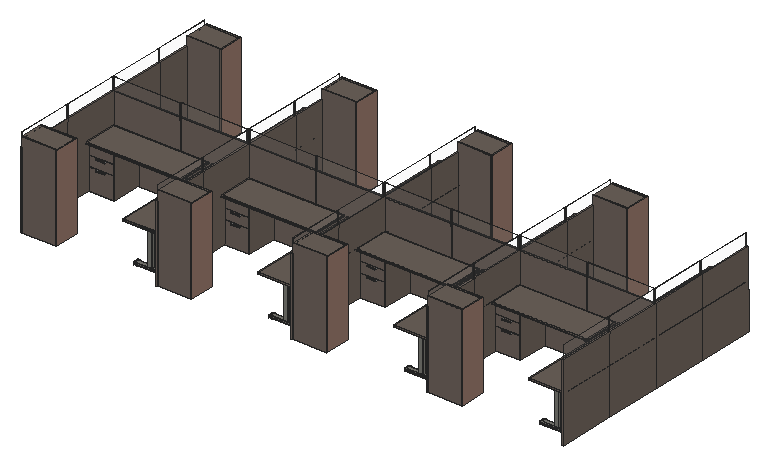
Revit family "OFS TYPICAL T200056", category Furniture, Revit 2022
Family settings
  OmniClass Number = 23.40.20.00
  OmniClass Title = General Furniture and Specialties
  Work Plane-Based = No
  Always vertical = Yes
  Cut with Voids When Loaded = No
  Render Appearance Source = Family Geometry
  Shared = No
  Room Calculation Point = No
Parameters (values of type "T200056")
  URL = "http://ofs.com/"
  Model = "T200056"
  Manufacturer = "OFS"
  Description = "OFS TYPICAL T200056"
  Default Elevation = 0' - 0"
  Copyright © = "©OFS 2024"
  Catalog = ""
  Authoring Version = "Autodesk Revit 2018"
  Assembly Code = "E2020200"
Reference planes (in)
  plane 1 "Center Front/Back": y = 0
  plane 2: z = 0
  plane 3 "Center Left/Right": x = 0
  plane 4 "Center L/S": x = 0
Dimensions and locks (in)
  aligned and locked: level to plane 2
Nested families (in)
  nested 1: "STAKS SINGLE DOOR STORAGE TOWERS" at (-43.08365, -91.64092, 12) x (0, 1, 0) z (0, 0, 1), type ""
    with Height Above Floor 3' - 6"
  nested 2: "STAKS SUPPORT BASE - PANEL - WALL PANEL" at (24, -2.12535, 0), type "STAKS SUPPORT WALL PANEL 28 X 12"
  nested 3: "STAKS RECTANGULAR WORKSURFACES Long Grain" at (-49.55498, 1.33365, 0.125), type "STAKS RECTANGULAR WORKSURFACE 59.5 x 23"
    with Height Above Floor 2' - 5", Width 4' - 11 1/2"
  nested 4: "STAKS RECTANGULAR WORKSURFACES Long Grain" at (18.16635, -78.55498, 0.125) x (0, 1, 0) z (0, 0, 1), type "STAKS RECTANGULAR WORKSURFACE 70.5 x 22"
    with Height Above Floor 2' - 5"
  nested 5: "STAKS WORKSURFACE HEIGHT PEDESTAL - BOX-BOX-FILE - NO RISER SUPPORT" at (-55.16461, -20.50035, 0), type "STAKS WORKSURFACE HEIGHT PEDESTAL - BOX-BOX-FILE - NO RISER SUPPORT 19in D"
  nested 6: "STAKS SPINE OR DIVIDER WALL 48in" at (40.16635, -43.55498, 0) x (0, 1, 0) z (0, 0, 1), type "STAKS SPINE OR DIVIDER WALL 48in X 36in"
    with Height Above Floor 4' - 0"
  nested 7: "STAKS SPINE OR DIVIDER WALL 48in" at (40.16635, -79.95342, 0) x (0, 1, 0) z (0, 0, 1), type "STAKS SPINE OR DIVIDER WALL 48in X 36.5"
    with Height Above Floor 4' - 0", Width 3' - 0 51/128"
  nested 8: "STAKS SPINE OR DIVIDER WALL 48in" at (-7.55498, 2.33365, 0), type "STAKS SPINE OR DIVIDER WALL 48in X 42in"
    with Height Above Floor 4' - 0"
  nested 9: "STAKS DOUBLE SIDED FROSTED GLASS PRIVACY PANEL" at (45.25035, -1.5, 0) x (0, 1, 0) z (0, 0, 1), type "STAKS DOUBLE SIDED FROSTED GLASS PRIVACY PANEL 35 x 10"
  nested 10: "STAKS DOUBLE SIDED FROSTED GLASS PRIVACY PANEL" at (-4.46125, -2.75035, 0), type "STAKS DOUBLE SIDED FROSTED GLASS PRIVACY PANEL 41 x 10"
  nested 11: "STAKS BENCHING CANTILEVER WORKSURFACE BRACKET - OPEN" at (17, -3.50035, 0), type "CANTILEVER WORKSURFACE BRACKET - OPEN 22in"
  nested 12: "STAKS CENTER ELECTRIC ADJUSTABLE HEIGHT BASE Rectangular" at (28.37535, -45.5, 0) x (0, 1, 0) z (0, 0, 1), type "STAKS CENTER ELECTRIC ADJUSTABLE HEIGHT BASE 24in Rectangular"
    with Height 2' - 3 7/8"
  nested 13: "STAKS SPINE OR DIVIDER WALL 48in" at (7.55498, 2.33365, 0.125) x (-1, 0, 0) z (0, 0, 1), type ""
    with Height Above Floor 4' - 0"
  nested 14: "STAKS DOUBLE SIDED FROSTED GLASS PRIVACY PANEL" at (4.46125, -2.75035, 0) x (-1, 0, 0) z (0, 0, 1), type ""
  nested 15: "STAKS DOUBLE SIDED FROSTED GLASS PRIVACY PANEL" at (45.25035, -70.5, 0) x (0, -1, 0) z (0, 0, 1), type ""
  nested 16: "STAKS SPINE OR DIVIDER WALL 48in" at (-40.16635, -43.55498, 0.125) x (0, 1, 0) z (0, 0, 1), type ""
    with Height Above Floor 4' - 0"
  nested 17: "STAKS SPINE OR DIVIDER WALL 48in" at (-40.16635, -79.95342, 0) x (0, 1, 0) z (0, 0, 1), type ""
    with Height Above Floor 4' - 0", Width 3' - 0 51/128"
  nested 18: "STAKS DOUBLE SIDED FROSTED GLASS PRIVACY PANEL" at (-45.25035, -1.5, 0) x (0, 1, 0) z (0, 0, 1), type ""
  nested 19: "STAKS DOUBLE SIDED FROSTED GLASS PRIVACY PANEL" at (-45.25035, -70.5, 0) x (0, -1, 0) z (0, 0, 1), type "STAKS DOUBLE SIDED FROSTED GLASS PRIVACY PANEL 35 x 10"
  nested 20: "STAKS CORNER SHELF FOR WALL PANEL" at (37.40381, -5.09619, -10.5) x (0.7071, -0.7071, 0) z (0, 0, 1), type "STAKS CORNER SHELF FOR WALL PANEL"
    with Height Above Floor 2' - 5"
  nested 21: "STAKS CENTER ELECTRIC ADJUSTABLE HEIGHT BASE Rectangular" at (28.37535, -25.5, 0) x (0, -1, 0) z (0, 0, 1), type ""
    with Height 2' - 3 7/8"
  nested 22: "STAKS BENCHING CANTILEVER WORKSURFACE BRACKET - OPEN" at (-36.5, -3.50035, 0) x (-1, 0, 0) z (0, 0, 1), type ""
  nested 23: "STAKS SINGLE DOOR STORAGE TOWERS" at (-43.08365, 91.64092, 12) x (0, -1, 0) z (0, 0, 1), type ""
    with Height Above Floor 3' - 6"
  nested 24: "STAKS SUPPORT BASE - PANEL - WALL PANEL" at (24, 2.12535, 0), type ""
  nested 25: "STAKS RECTANGULAR WORKSURFACES Long Grain" at (-49.55498, -1.33365, 0.125), type ""
    with Height Above Floor 2' - 5", Width 4' - 11 1/2"
  nested 26: "STAKS RECTANGULAR WORKSURFACES Long Grain" at (18.16635, 78.55498, 0.125) x (0, -1, 0) z (0, 0, 1), type ""
    with Height Above Floor 2' - 5"
  nested 27: "STAKS WORKSURFACE HEIGHT PEDESTAL - BOX-BOX-FILE - NO RISER SUPPORT" at (-55.16461, 20.50035, 0), type ""
  nested 28: "STAKS SPINE OR DIVIDER WALL 48in" at (40.16635, 43.55498, 0) x (0, -1, 0) z (0, 0, 1), type ""
    with Height Above Floor 4' - 0"
  nested 29: "STAKS SPINE OR DIVIDER WALL 48in" at (40.16635, 79.95342, 0) x (0, -1, 0) z (0, 0, 1), type ""
    with Height Above Floor 4' - 0", Width 3' - 0 51/128"
  nested 30: "STAKS DOUBLE SIDED FROSTED GLASS PRIVACY PANEL" at (45.25035, 1.5, 0) x (0, -1, 0) z (0, 0, 1), type ""
  nested 31: "STAKS BENCHING CANTILEVER WORKSURFACE BRACKET - OPEN" at (17, 3.50035, 0), type ""
  nested 32: "STAKS CENTER ELECTRIC ADJUSTABLE HEIGHT BASE Rectangular" at (28.37535, 45.5, 0) x (0, -1, 0) z (0, 0, 1), type ""
    with Height 2' - 3 7/8"
  nested 33: "STAKS DOUBLE SIDED FROSTED GLASS PRIVACY PANEL" at (45.25035, 70.5, 0) x (0, 1, 0) z (0, 0, 1), type "STAKS DOUBLE SIDED FROSTED GLASS PRIVACY PANEL 35 x 10"
  nested 34: "STAKS SPINE OR DIVIDER WALL 48in" at (-40.16635, 43.55498, 0.125) x (0, -1, 0) z (0, 0, 1), type "STAKS SPINE OR DIVIDER WALL 48in X 36in"
    with Height Above Floor 4' - 0"
  nested 35: "STAKS SPINE OR DIVIDER WALL 48in" at (-40.16635, 79.95342, 0) x (0, -1, 0) z (0, 0, 1), type "STAKS SPINE OR DIVIDER WALL 48in X 36.5"
    with Height Above Floor 4' - 0", Width 3' - 0 51/128"
  nested 36: "STAKS DOUBLE SIDED FROSTED GLASS PRIVACY PANEL" at (-45.25035, 1.5, 0) x (0, -1, 0) z (0, 0, 1), type "STAKS DOUBLE SIDED FROSTED GLASS PRIVACY PANEL 35 x 10"
  nested 37: "STAKS DOUBLE SIDED FROSTED GLASS PRIVACY PANEL" at (-45.25035, 70.5, 0) x (0, 1, 0) z (0, 0, 1), type ""
  nested 38: "STAKS CORNER SHELF FOR WALL PANEL" at (37.40381, 5.09619, -10.5) x (0.7071, 0.7071, 0) z (0, 0, 1), type ""
    with Height Above Floor 2' - 5"
  nested 39: "STAKS CENTER ELECTRIC ADJUSTABLE HEIGHT BASE Rectangular" at (28.37535, 25.5, 0) x (0, 1, 0) z (0, 0, 1), type "STAKS CENTER ELECTRIC ADJUSTABLE HEIGHT BASE 24in Rectangular"
    with Height 2' - 3 7/8"
  nested 40: "STAKS BENCHING CANTILEVER WORKSURFACE BRACKET - OPEN" at (-36.5, 3.50035, 0) x (-1, 0, 0) z (0, 0, 1), type "CANTILEVER WORKSURFACE BRACKET - OPEN 22in"
  nested 41: "STAKS BENCHING CANTILEVER WORKSURFACE BRACKET - OPEN" at (39.12465, -19.25, 0) x (0, 1, 0) z (0, 0, 1), type ""
  nested 42: "STAKS BENCHING CANTILEVER WORKSURFACE BRACKET - OPEN" at (39.12465, 19.25, 0) x (0, -1, 0) z (0, 0, 1), type "CANTILEVER WORKSURFACE BRACKET - OPEN 22in"
  nested 43: "STAKS SINGLE DOOR STORAGE TOWERS" at (-128.08365, -91.64092, 12) x (0, 1, 0) z (0, 0, 1), type ""
    with Height Above Floor 3' - 6"
  nested 44: "STAKS SUPPORT BASE - PANEL - WALL PANEL" at (-61, -2.12535, 0), type "STAKS SUPPORT WALL PANEL 28 X 12"
  nested 45: "STAKS RECTANGULAR WORKSURFACES Long Grain" at (-134.55498, 1.33365, 0.125), type "STAKS RECTANGULAR WORKSURFACE 59.5 x 23"
    with Height Above Floor 2' - 5", Width 4' - 11 1/2"
  nested 46: "STAKS RECTANGULAR WORKSURFACES Long Grain" at (-66.83365, -78.55498, 0.125) x (0, 1, 0) z (0, 0, 1), type "STAKS RECTANGULAR WORKSURFACE 70.5 x 22"
    with Height Above Floor 2' - 5"
  nested 47: "STAKS WORKSURFACE HEIGHT PEDESTAL - BOX-BOX-FILE - NO RISER SUPPORT" at (-140.16461, -20.50035, 0), type "STAKS WORKSURFACE HEIGHT PEDESTAL - BOX-BOX-FILE - NO RISER SUPPORT 19in D"
  nested 48: "STAKS SPINE OR DIVIDER WALL 48in" at (-92.55498, 2.33365, 0), type "STAKS SPINE OR DIVIDER WALL 48in X 42in"
    with Height Above Floor 4' - 0"
  nested 49: "STAKS DOUBLE SIDED FROSTED GLASS PRIVACY PANEL" at (-89.46125, -2.75035, 0), type "STAKS DOUBLE SIDED FROSTED GLASS PRIVACY PANEL 41 x 10"
  nested 50: "STAKS BENCHING CANTILEVER WORKSURFACE BRACKET - OPEN" at (-68, -3.50035, 0), type "CANTILEVER WORKSURFACE BRACKET - OPEN 22in"
  nested 51: "STAKS CENTER ELECTRIC ADJUSTABLE HEIGHT BASE Rectangular" at (-56.62465, -45.5, 0) x (0, 1, 0) z (0, 0, 1), type "STAKS CENTER ELECTRIC ADJUSTABLE HEIGHT BASE 24in Rectangular"
    with Height 2' - 3 7/8"
  nested 52: "STAKS SPINE OR DIVIDER WALL 48in" at (-77.44502, 2.33365, 0.125) x (-1, 0, 0) z (0, 0, 1), type ""
    with Height Above Floor 4' - 0"
  nested 53: "STAKS DOUBLE SIDED FROSTED GLASS PRIVACY PANEL" at (-80.53875, -2.75035, 0) x (-1, 0, 0) z (0, 0, 1), type ""
  nested 54: "STAKS SPINE OR DIVIDER WALL 48in" at (-125.16635, -43.55498, 0.125) x (0, 1, 0) z (0, 0, 1), type ""
    with Height Above Floor 4' - 0"
  nested 55: "STAKS SPINE OR DIVIDER WALL 48in" at (-125.16635, -79.95342, 0) x (0, 1, 0) z (0, 0, 1), type ""
    with Height Above Floor 4' - 0", Width 3' - 0 51/128"
  nested 56: "STAKS DOUBLE SIDED FROSTED GLASS PRIVACY PANEL" at (-130.25035, -1.5, 0) x (0, 1, 0) z (0, 0, 1), type ""
  nested 57: "STAKS DOUBLE SIDED FROSTED GLASS PRIVACY PANEL" at (-130.25035, -70.5, 0) x (0, -1, 0) z (0, 0, 1), type "STAKS DOUBLE SIDED FROSTED GLASS PRIVACY PANEL 35 x 10"
  nested 58: "STAKS CORNER SHELF FOR WALL PANEL" at (-47.59619, -5.09619, -10.5) x (0.7071, -0.7071, 0) z (0, 0, 1), type "STAKS CORNER SHELF FOR WALL PANEL"
    with Height Above Floor 2' - 5"
  nested 59: "STAKS CENTER ELECTRIC ADJUSTABLE HEIGHT BASE Rectangular" at (-56.62465, -25.5, 0) x (0, -1, 0) z (0, 0, 1), type ""
    with Height 2' - 3 7/8"
  nested 60: "STAKS BENCHING CANTILEVER WORKSURFACE BRACKET - OPEN" at (-121.5, -3.50035, 0) x (-1, 0, 0) z (0, 0, 1), type ""
  nested 61: "STAKS SINGLE DOOR STORAGE TOWERS" at (-128.08365, 91.64092, 12) x (0, -1, 0) z (0, 0, 1), type ""
    with Height Above Floor 3' - 6"
  nested 62: "STAKS SUPPORT BASE - PANEL - WALL PANEL" at (-61, 2.12535, 0), type ""
  nested 63: "STAKS RECTANGULAR WORKSURFACES Long Grain" at (-134.55498, -1.33365, 0.125), type ""
    with Height Above Floor 2' - 5", Width 4' - 11 1/2"
  nested 64: "STAKS RECTANGULAR WORKSURFACES Long Grain" at (-66.83365, 78.55498, 0.125) x (0, -1, 0) z (0, 0, 1), type ""
    with Height Above Floor 2' - 5"
  nested 65: "STAKS WORKSURFACE HEIGHT PEDESTAL - BOX-BOX-FILE - NO RISER SUPPORT" at (-140.16461, 20.50035, 0), type ""
  nested 66: "STAKS BENCHING CANTILEVER WORKSURFACE BRACKET - OPEN" at (-68, 3.50035, 0), type ""
  nested 67: "STAKS CENTER ELECTRIC ADJUSTABLE HEIGHT BASE Rectangular" at (-56.62465, 45.5, 0) x (0, -1, 0) z (0, 0, 1), type ""
    with Height 2' - 3 7/8"
  nested 68: "STAKS SPINE OR DIVIDER WALL 48in" at (-125.16635, 43.55498, 0.125) x (0, -1, 0) z (0, 0, 1), type "STAKS SPINE OR DIVIDER WALL 48in X 36in"
    with Height Above Floor 4' - 0"
  nested 69: "STAKS SPINE OR DIVIDER WALL 48in" at (-125.16635, 79.95342, 0) x (0, -1, 0) z (0, 0, 1), type "STAKS SPINE OR DIVIDER WALL 48in X 36.5"
    with Height Above Floor 4' - 0", Width 3' - 0 51/128"
  nested 70: "STAKS DOUBLE SIDED FROSTED GLASS PRIVACY PANEL" at (-130.25035, 1.5, 0) x (0, -1, 0) z (0, 0, 1), type "STAKS DOUBLE SIDED FROSTED GLASS PRIVACY PANEL 35 x 10"
  nested 71: "STAKS DOUBLE SIDED FROSTED GLASS PRIVACY PANEL" at (-130.25035, 70.5, 0) x (0, 1, 0) z (0, 0, 1), type ""
  nested 72: "STAKS CORNER SHELF FOR WALL PANEL" at (-47.59619, 5.09619, -10.5) x (0.7071, 0.7071, 0) z (0, 0, 1), type ""
    with Height Above Floor 2' - 5"
  nested 73: "STAKS CENTER ELECTRIC ADJUSTABLE HEIGHT BASE Rectangular" at (-56.62465, 25.5, 0) x (0, 1, 0) z (0, 0, 1), type "STAKS CENTER ELECTRIC ADJUSTABLE HEIGHT BASE 24in Rectangular"
    with Height 2' - 3 7/8"
  nested 74: "STAKS BENCHING CANTILEVER WORKSURFACE BRACKET - OPEN" at (-121.5, 3.50035, 0) x (-1, 0, 0) z (0, 0, 1), type "CANTILEVER WORKSURFACE BRACKET - OPEN 22in"
  nested 75: "STAKS BENCHING CANTILEVER WORKSURFACE BRACKET - OPEN" at (-45.87535, -19.25, 0) x (0, 1, 0) z (0, 0, 1), type ""
  nested 76: "STAKS BENCHING CANTILEVER WORKSURFACE BRACKET - OPEN" at (-45.87535, 19.25, 0) x (0, -1, 0) z (0, 0, 1), type "CANTILEVER WORKSURFACE BRACKET - OPEN 22in"
  nested 77: "STAKS SINGLE DOOR STORAGE TOWERS" at (126.91635, -91.64092, 12) x (0, 1, 0) z (0, 0, 1), type ""
    with Height Above Floor 3' - 6"
  nested 78: "STAKS SUPPORT BASE - PANEL - WALL PANEL" at (194, -2.12535, 0), type "STAKS SUPPORT WALL PANEL 28 X 12"
  nested 79: "STAKS RECTANGULAR WORKSURFACES Long Grain" at (120.44502, 1.33365, 0.125), type "STAKS RECTANGULAR WORKSURFACE 59.5 x 23"
    with Height Above Floor 2' - 5", Width 4' - 11 1/2"
  nested 80: "STAKS RECTANGULAR WORKSURFACES Long Grain" at (188.16635, -78.55498, 0.125) x (0, 1, 0) z (0, 0, 1), type "STAKS RECTANGULAR WORKSURFACE 70.5 x 22"
    with Height Above Floor 2' - 5"
  nested 81: "STAKS WORKSURFACE HEIGHT PEDESTAL - BOX-BOX-FILE - NO RISER SUPPORT" at (114.83539, -20.50035, 0), type "STAKS WORKSURFACE HEIGHT PEDESTAL - BOX-BOX-FILE - NO RISER SUPPORT 19in D"
  nested 82: "STAKS SPINE OR DIVIDER WALL 48in" at (210.16635, -43.55498, 0) x (0, 1, 0) z (0, 0, 1), type "STAKS SPINE OR DIVIDER WALL 48in X 36in"
    with Height Above Floor 4' - 0"
  nested 83: "STAKS SPINE OR DIVIDER WALL 48in" at (210.16635, -79.95342, 0) x (0, 1, 0) z (0, 0, 1), type "STAKS SPINE OR DIVIDER WALL 48in X 36.5"
    with Height Above Floor 4' - 0", Width 3' - 0 51/128"
  nested 84: "STAKS SPINE OR DIVIDER WALL 48in" at (162.44502, 2.33365, 0), type "STAKS SPINE OR DIVIDER WALL 48in X 42in"
    with Height Above Floor 4' - 0"
  nested 85: "STAKS DOUBLE SIDED FROSTED GLASS PRIVACY PANEL" at (215.25035, -1.5, 0) x (0, 1, 0) z (0, 0, 1), type "STAKS DOUBLE SIDED FROSTED GLASS PRIVACY PANEL 35 x 10"
  nested 86: "STAKS DOUBLE SIDED FROSTED GLASS PRIVACY PANEL" at (165.53875, -2.75035, 0), type "STAKS DOUBLE SIDED FROSTED GLASS PRIVACY PANEL 41 x 10"
  nested 87: "STAKS BENCHING CANTILEVER WORKSURFACE BRACKET - OPEN" at (187, -3.50035, 0), type "CANTILEVER WORKSURFACE BRACKET - OPEN 22in"
  nested 88: "STAKS CENTER ELECTRIC ADJUSTABLE HEIGHT BASE Rectangular" at (198.37535, -45.5, 0) x (0, 1, 0) z (0, 0, 1), type "STAKS CENTER ELECTRIC ADJUSTABLE HEIGHT BASE 24in Rectangular"
    with Height 2' - 3 7/8"
  nested 89: "STAKS SPINE OR DIVIDER WALL 48in" at (177.55498, 2.33365, 0.125) x (-1, 0, 0) z (0, 0, 1), type ""
    with Height Above Floor 4' - 0"
  nested 90: "STAKS DOUBLE SIDED FROSTED GLASS PRIVACY PANEL" at (174.46125, -2.75035, 0) x (-1, 0, 0) z (0, 0, 1), type ""
  nested 91: "STAKS DOUBLE SIDED FROSTED GLASS PRIVACY PANEL" at (215.25035, -70.5, 0) x (0, -1, 0) z (0, 0, 1), type ""
  nested 92: "STAKS SPINE OR DIVIDER WALL 48in" at (129.83365, -43.55498, 0.125) x (0, 1, 0) z (0, 0, 1), type ""
    with Height Above Floor 4' - 0"
  nested 93: "STAKS SPINE OR DIVIDER WALL 48in" at (129.83365, -79.95342, 0) x (0, 1, 0) z (0, 0, 1), type ""
    with Height Above Floor 4' - 0", Width 3' - 0 51/128"
  nested 94: "STAKS DOUBLE SIDED FROSTED GLASS PRIVACY PANEL" at (124.74965, -1.5, 0) x (0, 1, 0) z (0, 0, 1), type ""
  nested 95: "STAKS DOUBLE SIDED FROSTED GLASS PRIVACY PANEL" at (124.74965, -70.5, 0) x (0, -1, 0) z (0, 0, 1), type "STAKS DOUBLE SIDED FROSTED GLASS PRIVACY PANEL 35 x 10"
  nested 96: "STAKS CORNER SHELF FOR WALL PANEL" at (207.40381, -5.09619, -10.5) x (0.7071, -0.7071, 0) z (0, 0, 1), type "STAKS CORNER SHELF FOR WALL PANEL"
    with Height Above Floor 2' - 5"
  nested 97: "STAKS CENTER ELECTRIC ADJUSTABLE HEIGHT BASE Rectangular" at (198.37535, -25.5, 0) x (0, -1, 0) z (0, 0, 1), type ""
    with Height 2' - 3 7/8"
  nested 98: "STAKS BENCHING CANTILEVER WORKSURFACE BRACKET - OPEN" at (133.5, -3.50035, 0) x (-1, 0, 0) z (0, 0, 1), type ""
  nested 99: "STAKS SINGLE DOOR STORAGE TOWERS" at (126.91635, 91.64092, 12) x (0, -1, 0) z (0, 0, 1), type ""
    with Height Above Floor 3' - 6"
  nested 100: "STAKS SUPPORT BASE - PANEL - WALL PANEL" at (194, 2.12535, 0), type ""
  nested 101: "STAKS RECTANGULAR WORKSURFACES Long Grain" at (120.44502, -1.33365, 0.125), type ""
    with Height Above Floor 2' - 5", Width 4' - 11 1/2"
  nested 102: "STAKS RECTANGULAR WORKSURFACES Long Grain" at (188.16635, 78.55498, 0.125) x (0, -1, 0) z (0, 0, 1), type ""
    with Height Above Floor 2' - 5"
  nested 103: "STAKS WORKSURFACE HEIGHT PEDESTAL - BOX-BOX-FILE - NO RISER SUPPORT" at (114.83539, 20.50035, 0), type ""
  nested 104: "STAKS SPINE OR DIVIDER WALL 48in" at (210.16635, 43.55498, 0) x (0, -1, 0) z (0, 0, 1), type ""
    with Height Above Floor 4' - 0"
  nested 105: "STAKS SPINE OR DIVIDER WALL 48in" at (210.16635, 79.95342, 0) x (0, -1, 0) z (0, 0, 1), type ""
    with Height Above Floor 4' - 0", Width 3' - 0 51/128"
  nested 106: "STAKS DOUBLE SIDED FROSTED GLASS PRIVACY PANEL" at (215.25035, 1.5, 0) x (0, -1, 0) z (0, 0, 1), type ""
  nested 107: "STAKS BENCHING CANTILEVER WORKSURFACE BRACKET - OPEN" at (187, 3.50035, 0), type ""
  nested 108: "STAKS CENTER ELECTRIC ADJUSTABLE HEIGHT BASE Rectangular" at (198.37535, 45.5, 0) x (0, -1, 0) z (0, 0, 1), type ""
    with Height 2' - 3 7/8"
  nested 109: "STAKS DOUBLE SIDED FROSTED GLASS PRIVACY PANEL" at (215.25035, 70.5, 0) x (0, 1, 0) z (0, 0, 1), type "STAKS DOUBLE SIDED FROSTED GLASS PRIVACY PANEL 35 x 10"
  nested 110: "STAKS SPINE OR DIVIDER WALL 48in" at (129.83365, 43.55498, 0.125) x (0, -1, 0) z (0, 0, 1), type "STAKS SPINE OR DIVIDER WALL 48in X 36in"
    with Height Above Floor 4' - 0"
  nested 111: "STAKS SPINE OR DIVIDER WALL 48in" at (129.83365, 79.95342, 0) x (0, -1, 0) z (0, 0, 1), type "STAKS SPINE OR DIVIDER WALL 48in X 36.5"
    with Height Above Floor 4' - 0", Width 3' - 0 51/128"
  nested 112: "STAKS DOUBLE SIDED FROSTED GLASS PRIVACY PANEL" at (124.74965, 1.5, 0) x (0, -1, 0) z (0, 0, 1), type "STAKS DOUBLE SIDED FROSTED GLASS PRIVACY PANEL 35 x 10"
  nested 113: "STAKS DOUBLE SIDED FROSTED GLASS PRIVACY PANEL" at (124.74965, 70.5, 0) x (0, 1, 0) z (0, 0, 1), type ""
  nested 114: "STAKS CORNER SHELF FOR WALL PANEL" at (207.40381, 5.09619, -10.5) x (0.7071, 0.7071, 0) z (0, 0, 1), type ""
    with Height Above Floor 2' - 5"
  nested 115: "STAKS CENTER ELECTRIC ADJUSTABLE HEIGHT BASE Rectangular" at (198.37535, 25.5, 0) x (0, 1, 0) z (0, 0, 1), type "STAKS CENTER ELECTRIC ADJUSTABLE HEIGHT BASE 24in Rectangular"
    with Height 2' - 3 7/8"
  nested 116: "STAKS BENCHING CANTILEVER WORKSURFACE BRACKET - OPEN" at (133.5, 3.50035, 0) x (-1, 0, 0) z (0, 0, 1), type "CANTILEVER WORKSURFACE BRACKET - OPEN 22in"
  nested 117: "STAKS BENCHING CANTILEVER WORKSURFACE BRACKET - OPEN" at (209.12465, -19.25, 0) x (0, 1, 0) z (0, 0, 1), type ""
  nested 118: "STAKS BENCHING CANTILEVER WORKSURFACE BRACKET - OPEN" at (209.12465, 19.25, 0) x (0, -1, 0) z (0, 0, 1), type "CANTILEVER WORKSURFACE BRACKET - OPEN 22in"
  nested 119: "STAKS SINGLE DOOR STORAGE TOWERS" at (41.91635, -91.64092, 12) x (0, 1, 0) z (0, 0, 1), type ""
    with Height Above Floor 3' - 6"
  nested 120: "STAKS SUPPORT BASE - PANEL - WALL PANEL" at (109, -2.12535, 0), type "STAKS SUPPORT WALL PANEL 28 X 12"
  nested 121: "STAKS RECTANGULAR WORKSURFACES Long Grain" at (35.44502, 1.33365, 0.125), type "STAKS RECTANGULAR WORKSURFACE 59.5 x 23"
    with Height Above Floor 2' - 5", Width 4' - 11 1/2"
  nested 122: "STAKS RECTANGULAR WORKSURFACES Long Grain" at (103.16635, -78.55498, 0.125) x (0, 1, 0) z (0, 0, 1), type "STAKS RECTANGULAR WORKSURFACE 70.5 x 22"
    with Height Above Floor 2' - 5"
  nested 123: "STAKS WORKSURFACE HEIGHT PEDESTAL - BOX-BOX-FILE - NO RISER SUPPORT" at (29.83539, -20.50035, 0), type "STAKS WORKSURFACE HEIGHT PEDESTAL - BOX-BOX-FILE - NO RISER SUPPORT 19in D"
  nested 124: "STAKS SPINE OR DIVIDER WALL 48in" at (77.44502, 2.33365, 0), type "STAKS SPINE OR DIVIDER WALL 48in X 42in"
    with Height Above Floor 4' - 0"
  nested 125: "STAKS DOUBLE SIDED FROSTED GLASS PRIVACY PANEL" at (80.53875, -2.75035, 0), type "STAKS DOUBLE SIDED FROSTED GLASS PRIVACY PANEL 41 x 10"
  nested 126: "STAKS BENCHING CANTILEVER WORKSURFACE BRACKET - OPEN" at (102, -3.50035, 0), type "CANTILEVER WORKSURFACE BRACKET - OPEN 22in"
  nested 127: "STAKS CENTER ELECTRIC ADJUSTABLE HEIGHT BASE Rectangular" at (113.37535, -45.5, 0) x (0, 1, 0) z (0, 0, 1), type "STAKS CENTER ELECTRIC ADJUSTABLE HEIGHT BASE 24in Rectangular"
    with Height 2' - 3 7/8"
  nested 128: "STAKS SPINE OR DIVIDER WALL 48in" at (92.55498, 2.33365, 0.125) x (-1, 0, 0) z (0, 0, 1), type ""
    with Height Above Floor 4' - 0"
  nested 129: "STAKS DOUBLE SIDED FROSTED GLASS PRIVACY PANEL" at (89.46125, -2.75035, 0) x (-1, 0, 0) z (0, 0, 1), type ""
  nested 130: "STAKS CORNER SHELF FOR WALL PANEL" at (122.40381, -5.09619, -10.5) x (0.7071, -0.7071, 0) z (0, 0, 1), type "STAKS CORNER SHELF FOR WALL PANEL"
    with Height Above Floor 2' - 5"
  nested 131: "STAKS CENTER ELECTRIC ADJUSTABLE HEIGHT BASE Rectangular" at (113.37535, -25.5, 0) x (0, -1, 0) z (0, 0, 1), type ""
    with Height 2' - 3 7/8"
  nested 132: "STAKS BENCHING CANTILEVER WORKSURFACE BRACKET - OPEN" at (48.5, -3.50035, 0) x (-1, 0, 0) z (0, 0, 1), type ""
  nested 133: "STAKS SINGLE DOOR STORAGE TOWERS" at (41.91635, 91.64092, 12) x (0, -1, 0) z (0, 0, 1), type ""
    with Height Above Floor 3' - 6"
  nested 134: "STAKS SUPPORT BASE - PANEL - WALL PANEL" at (109, 2.12535, 0), type ""
  nested 135: "STAKS RECTANGULAR WORKSURFACES Long Grain" at (35.44502, -1.33365, 0.125), type ""
    with Height Above Floor 2' - 5", Width 4' - 11 1/2"
  nested 136: "STAKS RECTANGULAR WORKSURFACES Long Grain" at (103.16635, 78.55498, 0.125) x (0, -1, 0) z (0, 0, 1), type ""
    with Height Above Floor 2' - 5"
  nested 137: "STAKS WORKSURFACE HEIGHT PEDESTAL - BOX-BOX-FILE - NO RISER SUPPORT" at (29.83539, 20.50035, 0), type ""
  nested 138: "STAKS BENCHING CANTILEVER WORKSURFACE BRACKET - OPEN" at (102, 3.50035, 0), type ""
  nested 139: "STAKS CENTER ELECTRIC ADJUSTABLE HEIGHT BASE Rectangular" at (113.37535, 45.5, 0) x (0, -1, 0) z (0, 0, 1), type ""
    with Height 2' - 3 7/8"
  nested 140: "STAKS CORNER SHELF FOR WALL PANEL" at (122.40381, 5.09619, -10.5) x (0.7071, 0.7071, 0) z (0, 0, 1), type ""
    with Height Above Floor 2' - 5"
  nested 141: "STAKS CENTER ELECTRIC ADJUSTABLE HEIGHT BASE Rectangular" at (113.37535, 25.5, 0) x (0, 1, 0) z (0, 0, 1), type "STAKS CENTER ELECTRIC ADJUSTABLE HEIGHT BASE 24in Rectangular"
    with Height 2' - 3 7/8"
  nested 142: "STAKS BENCHING CANTILEVER WORKSURFACE BRACKET - OPEN" at (48.5, 3.50035, 0) x (-1, 0, 0) z (0, 0, 1), type "CANTILEVER WORKSURFACE BRACKET - OPEN 22in"
  nested 143: "STAKS BENCHING CANTILEVER WORKSURFACE BRACKET - OPEN" at (124.12465, -19.25, 0) x (0, 1, 0) z (0, 0, 1), type ""
  nested 144: "STAKS BENCHING CANTILEVER WORKSURFACE BRACKET - OPEN" at (124.12465, 19.25, 0) x (0, -1, 0) z (0, 0, 1), type "CANTILEVER WORKSURFACE BRACKET - OPEN 22in"
Definition of nested family "STAKS SINGLE DOOR STORAGE TOWERS"
  Parameters (values of type "STAKS SINGLE DOOR STORAGE TOWER Right Hinged 54in")
    URL = "http://www.ofs.com/"
    Right Hinged = yes
    Left Hinged = no
    Height Above Floor [instance] = 4' - 6"
    Height = 4' - 6"
    Front Doors Material = none
    Default Elevation = 0' - 0"
    Back Material = none
    Depth = 1' - 9 7/8"
    Model = "6-1654RSC1"
    Manufacturer = "OFS"
    Description = "OFS STAKS SINGLE DOOR STORAGE TOWER, Right Hinged, 54in Height, Enhance Privacy, Support Worksurfaces and Store Personal Items"
    Width = 1' - 3 5/8"
    Copyright © = "© 2018 OFS"
    Catalog = "https://ofs.com/products/casegoods/private-office/staks"
    Board Material = none
    Board Thickness = 0' - 0 3/4"
    Authoring Version = "Autodesk Revit Architecture 2013"
    Assembly Code = "E2020200"
  Types (12): name | Right Hinged | Left Hinged | Height Above Floor | Height | Model | Description
    STAKS SINGLE DOOR STORAGE TOWER Left Hinged 42in | no | yes | 3' - 6" | 3' - 6" | "6-1642LSC1" | "OFS STAKS SINGLE DOOR STORAGE TOWER, Left Hinged, 42in Height, Enhance Privacy, Support Worksurfaces and Store Personal Items"
    STAKS SINGLE DOOR STORAGE TOWER Right Hinged 42in | yes | no | 3' - 6" | 3' - 6" | "6-1642RSC1" | "OFS STAKS SINGLE DOOR STORAGE TOWER, Right Hinged, 42in Height, Enhance Privacy, Support Worksurfaces and Store Personal Items"
    STAKS SINGLE DOOR STORAGE TOWER Left Hinged 48in | no | yes | 4' - 0" | 4' - 0" | "6-1648LSC1" | "OFS STAKS SINGLE DOOR STORAGE TOWER, Left Hinged, 48in Height, Enhance Privacy, Support Worksurfaces and Store Personal Items"
    STAKS SINGLE DOOR STORAGE TOWER Left Hinged 54in | no | yes | 4' - 6" | 4' - 6" | "6-1654LSC1" | "OFS STAKS SINGLE DOOR STORAGE TOWER, Left Hinged, 54in Height, Enhance Privacy, Support Worksurfaces and Store Personal Items"
    STAKS SINGLE DOOR STORAGE TOWER Left Hinged 62.5in | no | yes | 5' - 2 1/2" | 5' - 2 1/2" | "6-1663LSC1" | "OFS STAKS SINGLE DOOR STORAGE TOWER, Left Hinged, 62.5in Height, Enhance Privacy, Support Worksurfaces and Store Personal Items"
    STAKS SINGLE DOOR STORAGE TOWER Left Hinged 72in | no | yes | 6' - 0" | 6' - 0" | "6-1672LSC1" | "OFS STAKS SINGLE DOOR STORAGE TOWER, Left Hinged, 72in Height, Enhance Privacy, Support Worksurfaces and Store Personal Items"
    STAKS SINGLE DOOR STORAGE TOWER Left Hinged 84in | no | yes | 7' - 0" | 7' - 0" | "6-1684LSC1" | "OFS STAKS SINGLE DOOR STORAGE TOWER, Left Hinged, 84in Height, Enhance Privacy, Support Worksurfaces and Store Personal Items"
    STAKS SINGLE DOOR STORAGE TOWER Right Hinged 48in | yes | no | 4' - 0" | 4' - 0" | "6-1648RSC1" | "OFS STAKS SINGLE DOOR STORAGE TOWER, Right Hinged, 48in Height, Enhance Privacy, Support Worksurfaces and Store Personal Items"
    STAKS SINGLE DOOR STORAGE TOWER Right Hinged 54in | yes | no | 4' - 6" | 4' - 6" | "6-1654RSC1" | "OFS STAKS SINGLE DOOR STORAGE TOWER, Right Hinged, 54in Height, Enhance Privacy, Support Worksurfaces and Store Personal Items"
    STAKS SINGLE DOOR STORAGE TOWER Right Hinged 62.5in | yes | no | 5' - 2 1/2" | 5' - 2 1/2" | "6-1663RSC1" | "OFS STAKS SINGLE DOOR STORAGE TOWER, Right Hinged, 62.5in Height, Enhance Privacy, Support Worksurfaces and Store Personal Items"
    STAKS SINGLE DOOR STORAGE TOWER Right Hinged 72in | yes | no | 6' - 0" | 6' - 0" | "6-1672RSC1" | "OFS STAKS SINGLE DOOR STORAGE TOWER, Right Hinged, 72in Height, Enhance Privacy, Support Worksurfaces and Store Personal Items"
    STAKS SINGLE DOOR STORAGE TOWER Right Hinged 84in | yes | no | 7' - 0" | 7' - 0" | "6-1684RSC1" | "OFS STAKS SINGLE DOOR STORAGE TOWER, Right Hinged, 84in Height, Enhance Privacy, Support Worksurfaces and Store Personal Items"
  Reference planes (in)
    plane 1: z = -0.125
    plane 2 "LEFT": x = 19.24248
    plane 3 "RIGHT": x = 34.86748
    plane 4 "BACK": y = -1.83365
    plane 5 "FRONT": y = -22.20865
    plane 6: x = 19.99248
    plane 7: x = 34.11748
    plane 8: z = -0.125
    plane 9 "SURFACE TOP": z = 53.875
    plane 10: z = 0.625
    plane 11: x = 27.05498
    plane 12: z = 53.125
    plane 13: y = -12.02115
    plane 14: y = -11.64615
    plane 15: y = -12.39615
    plane 16: x = 27.42998
    plane 17: x = 26.67998
    plane 18: y = -1.08365
    plane 19: y = -22.95865
    plane 20: x = 34.80498
    plane 21: x = 19.30498
    plane 22: x = 27.08623
    plane 23: x = 27.02373
    plane 24: z = 0.125
    plane 25: z = 53.8125
  Forms (in)
    Extrusion 1, solid, material <- "Board Material"
      sketch origin (0, 0, 53.875) x (0, 1, 0) y (-1, 0, 0)
        loop
          line (-1.83365, -19.99248) -> (-22.20865, -19.99248) -> (-22.20865, -34.11748) -> (-1.83365, -34.11748) -> (-1.83365, -19.99248)
      from -53.25 to -54
    Extrusion 2, solid, material <- "Board Material"
      sketch origin (0, 0, 53.875) x (0, 1, 0) y (-1, 0, 0)
        loop
          line (-1.08365, -19.99248) -> (-1.08365, -19.24248) -> (-22.20865, -19.24248) -> (-22.20865, -19.99248) -> (-1.08365, -19.99248)
        loop
          line (-1.08365, -34.86748) -> (-1.08365, -34.11748) -> (-22.20865, -34.11748) -> (-22.20865, -34.86748) -> (-1.08365, -34.86748)
      from 0 to -54
    Extrusion 3, solid, material <- "Board Material"
      sketch origin (0, 0, 27.375) x (0, 1, 0) y (-1, 0, 0)
        loop
          line (-1.08365, -19.99248) -> (-22.20865, -19.99248) -> (-22.20865, -34.11748) -> (-1.08365, -34.11748) -> (-1.08365, -19.99248)
      from 26.5 to 25.75
    Extrusion 4, solid, material <- "Back Material"
      sketch origin (30.99601, 21.63396, 53.875) x (0, 1, 0) y (-1, 0, 0)
        loop
          line (-22.71762, 11.00353) -> (-23.46762, 11.00353) -> (-23.46762, -3.12147) -> (-22.71762, -3.12147) -> (-22.71762, 11.00353)
      from -0.75 to -54
    Extrusion 5, solid, material <- "Front Doors Material"
      sketch origin (38.64087, -10.89295, 53.875) x (0, 1, 0) y (-1, 0, 0)
        loop
          line (-11.3157, 3.83589) -> (-11.3157, 19.33589) -> (-12.0657, 19.33589) -> (-12.0657, 3.83589) -> (-11.3157, 3.83589)
      from -0.0625 to -53.75
  Lines and regions (in)
    symbolic lines, visible <- "Left Hinged"
      curve 1: arc (34.80498, -22.95865, 53.875) -> (34.63214, -25.26693, 53.875) -> (34.11748, -27.52372, 53.875) r 15.5
      curve 2: line (19.30498, -22.95865, 53.875) -> (34.11748, -27.52372, 53.875)
    symbolic lines, visible <- "Right Hinged"
      curve 3: arc (19.30498, -22.95865, 53.875) -> (19.47782, -25.26693, 53.875) -> (19.99248, -27.52372, 53.875) r 15.5
      curve 4: line (34.80498, -22.95865, 53.875) -> (19.99248, -27.52372, 53.875)
  Dimensions and locks (in)
    "Width": plane 2 "LEFT" to plane 3 "RIGHT"
    "Height": plane 9 "SURFACE TOP" to plane 8
    "Board Thickness": plane 2 "LEFT" to plane 6
    "Board Thickness": plane 7 to plane 3 "RIGHT"
    "Height Above Floor": plane 9 "SURFACE TOP" to level
    "Board Thickness": plane 10 to plane 8
    equal spacing: plane 2 "LEFT", plane 11, plane 3 "RIGHT"
    "Board Thickness": plane 9 "SURFACE TOP" to plane 12
    equal spacing: plane 4 "BACK", plane 13, plane 5 "FRONT"
    equal spacing: plane 14, plane 13, plane 15
    "Board Thickness": plane 14 to plane 15
    equal spacing: plane 17, plane 11, plane 16
    "Board Thickness": plane 17 to plane 16
    "Depth": plane 18 to plane 19
    "Board Thickness": plane 18 to plane 4 "BACK"
    "Board Thickness": plane 5 "FRONT" to plane 19
    locked: plane 20 to plane 3 "RIGHT" at 0.0625
    locked: plane 2 "LEFT" to plane 21 at 0.0625
    plane 23 to plane 11 to plane 22 = 0' - 0 1/32" locked, 0' - 0 1/32" locked
    locked: plane 24 to plane 8 at 0.25
    locked: plane 9 "SURFACE TOP" to plane 25 at 0.0625
    aligned: level to plane 1
    aligned and locked: Extrusion 1 sketch curve to plane 4 "BACK"
    aligned and locked: Extrusion 1 sketch curve to plane 6
    aligned and locked: plane 5 "FRONT" to Extrusion 1 sketch curve
    aligned and locked: Extrusion 1 sketch curve to plane 7
    aligned and locked: Extrusion 1 to plane 8
    aligned and locked: plane 10 to Extrusion 1
    aligned and locked: Extrusion 2 sketch curve to Extrusion 1  (x2)
    aligned and locked: Extrusion 2 sketch curve to plane 5 "FRONT"
    aligned and locked: Extrusion 2 sketch curve to plane 2 "LEFT"
    aligned and locked: Extrusion 2 sketch curve to plane 3 "RIGHT"
    aligned and locked: Extrusion 1 to Extrusion 2 sketch curve
    aligned and locked: plane 9 "SURFACE TOP" to Extrusion 3
    aligned and locked: Extrusion 3 to plane 12
    aligned and locked: Extrusion 3 to plane 5 "FRONT"
    aligned and locked: Extrusion 3 to plane 6
    aligned and locked: Extrusion 3 to plane 7
    aligned and locked: Extrusion 4 to plane 4 "BACK"
    aligned and locked: plane 18 to Extrusion 4
    aligned and locked: plane 5 "FRONT" to Extrusion 5
    aligned and locked: Extrusion 5 to plane 19
    aligned and locked: Extrusion 2 to plane 18  (x2)
    aligned and locked: Extrusion 3 to plane 18
    aligned and locked: plane 12 to Extrusion 4
    aligned and locked: Extrusion 5 to plane 24
    aligned and locked: Extrusion 4 to plane 6
    aligned and locked: plane 7 to Extrusion 4
    aligned and locked: Extrusion 4 to plane 8
    aligned and locked: plane 21 to Extrusion 5
    aligned and locked: plane 25 to Extrusion 5
    aligned and locked: Extrusion 2 to plane 8
    aligned and locked: plane 20 to Extrusion 5
  Automatic sketch dimensions
    Extrusion 2 sketch curve to plane 18 = 0' - 0"  (x2)
    Extrusion 3 sketch curve to plane 5 "FRONT" = 0' - 0"
    Extrusion 3 sketch curve to plane 6 = 0' - 0"
    Extrusion 3 sketch curve to plane 18 = 0' - 0"
    Extrusion 3 sketch curve to plane 7 = 0' - 0"
    Extrusion 4 sketch curve to plane 4 "BACK" = 0' - 0"
    Extrusion 4 sketch curve to plane 6 = 0' - 0"
    Extrusion 4 sketch curve to plane 18 = 0' - 0"
    Extrusion 4 sketch curve to plane 7 = 0' - 0"
    curve 4 to plane 6 = 0' - 0"
    curve 2 to plane 7 = 0' - 0"
    curve 2 to plane 19 = 0' - 0"
    curve 4 to plane 19 = 0' - 0"
    curve 4 to plane 20 = 0' - 0"
    curve 2 to plane 21 = 0' - 0"
    curve 3 to plane 20 = 0' - 0"
    curve 1 to plane 21 = 0' - 0"
    Extrusion 5 sketch curve to plane 19 = 0' - 0"
    Extrusion 5 sketch curve to plane 5 "FRONT" = 0' - 0"
    Extrusion 5 sketch curve to plane 21 = 0' - 0"
    Extrusion 5 sketch curve to plane 20 = 0' - 0"
Definition of nested family "STAKS SUPPORT BASE - PANEL - WALL PANEL"
  Parameters (values of type "STAKS SUPPORT BASE 21 X 12")
    Width [instance] = 1' - 0"
    WALL SUPPORT = no
    URL = "http://www.ofs.com"
    SUPPORT PANEL = no
    SUPPORT BASE = yes
    Model = "6-2112SB"
    Manufacturer = "OFS"
    Height = 1' - 9 7/8"
    Description = "OFS STAKS SUPPORT BASE 21 X12, Base Supports 22\"D Worksurfaces"
    Depth = 1' - 0"
    Default Elevation = 0' - 0"
    Copyright © = "©OFS 2018"
    Catalog = "https://ofs.com/products/casegoods/private-office/staks"
    Authoring Version = "Autodesk Revit Architecture 2013"
    Assembly Code = "E2020200"
  Types (7): name | WALL SUPPORT | SUPPORT PANEL | SUPPORT BASE | Model | Height | Description | Depth
    STAKS SUPPORT PANEL 28 X 12 | no | yes | no | "6-2812SP" | 2' - 3 7/8" | "OFS STAKS SUPPORT PANEL 28 X 12, End Panel Supports 22\"D Worksurfaces" | 1' - 0"
    STAKS SUPPORT BASE 28 X 12 | no | no | yes | "6-2812SB" | 2' - 3 7/8" | "OFS STAKS SUPPORT BASE 28 X12, Base Supports 22\"D Worksurfaces" | 1' - 0"
    STAKS SUPPORT WALL PANEL 28 X 12 | yes | no | no | "6-2812SWPS" | 2' - 3 3/8" | "OFS STAKS SUPPORT WALL PANEL 28 X12, Provides Support for Worksurface in Conjunction with Cantilevers and Stabilizes Wall Panels" | 1' - 0"
    STAKS SUPPORT BASE 21 X 12 | no | no | yes | "6-2112SB" | 1' - 9 7/8" | "OFS STAKS SUPPORT BASE 21 X12, Base Supports 22\"D Worksurfaces" | 1' - 0"
    STAKS SUPPORT BASE 28 X 18 | no | no | yes | "6-2818SB" | 2' - 3 7/8" | "OFS STAKS SUPPORT BASE 28 X18, Base Supports 30\"D Worksurfaces" | 1' - 6"
    STAKS SUPPORT PANEL 21 X 12 | no | yes | no | "6-2112SP" | 1' - 9 7/8" | "OFS STAKS SUPPORT PANEL 21 X 12, End Panel Supports 22\"D Worksurfaces" | 1' - 0"
    STAKS SUPPORT PANEL 28 X 18 | no | yes | no | "6-2818SP" | 2' - 3 7/8" | "OFS STAKS SUPPORT PANEL 28 X 18, End Panel Supports 30\"D Worksurfaces" | 1' - 6"
  Reference planes (in)
    plane 1: z = 0
    plane 2 "Left": x = -12
    plane 3 "Back": y = 1.62535
    plane 4 "PANELL TOP": z = 21.875
    plane 5 "RIGHT": x = -11
    plane 6: y = -10.37465
    plane 7: y = 0.62535
    plane 8: x = -5.5
    plane 9: x = -17.5
  Forms (in)
    Extrusion 1, solid, visible <- "SUPPORT PANEL"
      sketch origin (-7.62535, -10.37465, -0.18015) x (1, 0, 0) y (0, 0, 1)
        loop
          line (-4.37465, 22.05515) -> (-4.37465, 0.18015) -> (-3.37465, 0.18015) -> (-3.37465, 22.05515) -> (-4.37465, 22.05515)
      from -12 to 0
    Extrusion 2, solid, visible <- "SUPPORT BASE"
      sketch origin (-5.5, 5, -0.18015) x (0, 1, 0) y (0, 0, 1)
        loop
          line (-4.37465, 22.05515) -> (-4.37465, 0.18015) -> (-3.37465, 0.18015) -> (-3.37465, 22.05515) -> (-4.37465, 22.05515)
      from -12 to 0
    Extrusion 3, solid, visible <- "SUPPORT BASE"
      sketch origin (3.37465, -10.37465, -0.18015) x (1, 0, 0) y (0, 0, 1)
        loop
          line (-15.37465, 22.05515) -> (-15.37465, 0.18015) -> (-14.37465, 0.18015) -> (-14.37465, 22.05515) -> (-15.37465, 22.05515)
      from -11 to 0
    Extrusion 4, solid, visible <- "WALL SUPPORT"
      sketch origin (-12, 0, 0) x (0, 1, 0) y (0, 0, 1)
        loop
          line (1.62535, 0) -> (1.62535, 20.375) -> (0.12535, 21.875) -> (-0.37465, 21.875) -> (-0.37465, 19.285) -> (-3.43765, 19.285) -> (-3.43765, 21.875) -> (-10.37465, 21.875) -> (-4.43765, 0) -> (1.62535, 0)
      from 0 to 1
  Lines and regions (in)
    Masking region 1, visible <- "SUPPORT PANEL"
      outline origin (-12.62535, -10.37465, 0) x (0, -1, 0) y (1, 0, 0)
        loop
          line (-12, 1.62535) -> (-12, 0.62535) -> (0, 0.62535) -> (0, 1.62535) -> (-12, 1.62535)
    Masking region 2, visible <- "SUPPORT BASE"
      outline origin (-5.5, 0, 0) x (1, 0, 0) y (0, 1, 0)
        loop
          line (-12, 1.62535) -> (-12, 0.62535) -> (0, 0.62535) -> (0, 1.62535) -> (-12, 1.62535)
    Masking region 3, visible <- "SUPPORT BASE"
      outline origin (-1.62535, -10.37465, 0) x (0, -1, 0) y (1, 0, 0)
        loop
          line (-11, -9.37465) -> (-11, -10.37465) -> (0, -10.37465) -> (0, -9.37465) -> (-11, -9.37465)
    Masking region 4, visible <- "WALL SUPPORT"
      outline origin (0, 0, 0) x (1, 0, 0) y (0, 1, 0)
        loop
          line (-11, 1.62535) -> (-12, 1.62535) -> (-12, -10.37465) -> (-11, -10.37465) -> (-11, 1.62535)
  Dimensions and locks (in)
    "Height": plane 4 "PANELL TOP" to plane 1
    locked: plane 2 "Left" to plane 5 "RIGHT" at 1
    "Depth": plane 6 to plane 3 "Back"
    locked: plane 7 to plane 3 "Back" at 1
    locked: plane 9 to plane 2 "Left" at 5.5
    locked: plane 5 "RIGHT" to plane 8 at 5.5
    "Width": plane 9 to plane 8
    aligned: Extrusion 1 to plane 2 "Left"
    aligned: Extrusion 1 to plane 1
    aligned and locked: level to plane 1
    aligned: Extrusion 1 to plane 4 "PANELL TOP"
    aligned: Extrusion 1 to plane 3 "Back"
    aligned and locked: plane 6 to Extrusion 1
    aligned and locked: plane 6 to Masking region 1
    aligned and locked: Extrusion 3 to plane 7
    aligned and locked: Masking region 3 to plane 7
    aligned and locked: plane 6 to Extrusion 3
    aligned and locked: plane 6 to Masking region 3
    aligned and locked: Extrusion 1 to plane 6  (x2)
    aligned and locked: plane 7 to Extrusion 2
    aligned and locked: plane 7 to Masking region 2
    aligned and locked: Masking region 2 to plane 3 "Back"
    aligned and locked: Extrusion 2 to plane 3 "Back"
    aligned and locked: Extrusion 1 to plane 3 "Back"
    aligned and locked: Masking region 1 to plane 3 "Back"
    aligned and locked: Extrusion 1 to plane 2 "Left"
    aligned and locked: plane 5 "RIGHT" to Extrusion 1
    aligned and locked: plane 8 to Masking region 2
    aligned and locked: plane 8 to Extrusion 2
    aligned and locked: Extrusion 2 to plane 9
    aligned and locked: Masking region 2 to plane 9
    aligned and locked: Extrusion 3 to plane 2 "Left"
    aligned and locked: plane 5 "RIGHT" to Extrusion 3
    aligned and locked: Masking region 3 to plane 2 "Left"
    aligned and locked: plane 5 "RIGHT" to Masking region 3
    aligned and locked: Extrusion 3 to plane 4 "PANELL TOP"
    aligned and locked: Extrusion 1 to plane 4 "PANELL TOP"
    aligned and locked: plane 4 "PANELL TOP" to Extrusion 2
    aligned and locked: plane 4 "PANELL TOP" to Extrusion 4 sketch curve
    aligned and locked: Extrusion 4 sketch curve to plane 4 "PANELL TOP"
    aligned and locked: Extrusion 4 sketch curve to plane 3 "Back"
    aligned and locked: Extrusion 4 sketch curve to plane 1
    aligned and locked: Extrusion 4 to plane 2 "Left"
    aligned and locked: plane 5 "RIGHT" to Extrusion 4
  Automatic sketch dimensions
    Extrusion 1 sketch curve to plane 2 "Left" = 0' - 0"
    Extrusion 1 sketch curve to level = 0' - 0"
    Extrusion 1 sketch curve to plane 5 "RIGHT" = 0' - 0"
    Extrusion 1 sketch curve to plane 4 "PANELL TOP" = 0' - 0"
    Masking region 1 sketch curve to plane 2 "Left" = 0' - 0"
    plane 3 "Back" to Masking region 1 sketch curve = 0' - 0"
    Masking region 1 sketch curve to plane 5 "RIGHT" = 0' - 0"
    plane 6 to Masking region 1 sketch curve = 0' - 0"
    Extrusion 2 sketch curve to plane 4 "PANELL TOP" = 0' - 0"
    Extrusion 2 sketch curve to plane 7 = 0' - 0"
    Extrusion 2 sketch curve to level = 0' - 0"
    Extrusion 2 sketch curve to plane 3 "Back" = 0' - 0"
    plane 7 to Masking region 2 sketch curve = 0' - 0"
    Masking region 2 sketch curve to plane 9 = 0' - 0"
    plane 3 "Back" to Masking region 2 sketch curve = 0' - 0"
    Masking region 2 sketch curve to plane 8 = 0' - 0"
    Extrusion 3 sketch curve to plane 2 "Left" = 0' - 0"
    Extrusion 3 sketch curve to level = 0' - 0"
    Extrusion 3 sketch curve to plane 5 "RIGHT" = 0' - 0"
    Extrusion 3 sketch curve to plane 4 "PANELL TOP" = 0' - 0"
    Masking region 3 sketch curve to plane 2 "Left" = 0' - 0"
    plane 7 to Masking region 3 sketch curve = 0' - 0"
    Masking region 3 sketch curve to plane 5 "RIGHT" = 0' - 0"
    plane 6 to Masking region 3 sketch curve = 0' - 0"
    Extrusion 4 sketch curve to plane 6 = 0' - 0"
    plane 7 to Extrusion 4 sketch curve = 0' - 1"
    Extrusion 4 sketch curve to plane 4 "PANELL TOP" = 0' - 2.59"
    plane 7 to Extrusion 4 sketch curve = 0' - 5.063"
    Extrusion 4 sketch curve to Extrusion 4 sketch curve = 0' - 3.063"
    Extrusion 4 sketch curve to Extrusion 4 sketch curve = 0' - 0 1/2"
    Extrusion 4 sketch curve to plane 4 "PANELL TOP" = 0' - 1 1/2"
    Masking region 4 sketch curve to plane 2 "Left" = 0' - 0"
    Masking region 4 sketch curve to plane 5 "RIGHT" = 0' - 0"
    plane 6 to Masking region 4 sketch curve = 0' - 0"
    plane 3 "Back" to Masking region 4 sketch curve = 0' - 0"
Definition of nested family "STAKS RECTANGULAR WORKSURFACES Long Grain"
  Parameters (values of type "STAKS RECTANGULAR WORKSURFACE 15.625 x 22")
    URL = "http://www.ofs.com/"
    Height Above Floor [instance] = 2' - 5"
    Height = 0' - 1 1/8"
    Depth = 1' - 10"
    Model = "6-MCT-15.625/22"
    Manufacturer = "OFS"
    Description = "OFS STAKS 15.625 X 22 RECTANGULAR WORKSURFACE For Worksurface or Low Height Applications, Long Grain"
    Width = 1' - 3 5/8"
    Default Elevation = 0' - 0"
    Copyright © = "© 2018 OFS"
    Catalog = "https://ofs.com/products/casegoods/private-office/staks"
    Authoring Version = "Autodesk Revit Architecture 2013"
    Assembly Code = "E2020200"
  Types (26): name | Model | Description | Width
    STAKS RECTANGULAR WORKSURFACE 15.625 x 22 | "6-MCT-15.625/22" | "OFS STAKS 15.625 X 22 RECTANGULAR WORKSURFACE For Worksurface or Low Height Applications, Long Grain" | 1' - 3 5/8"
    STAKS RECTANGULAR WORKSURFACE 24 x 22 | "6-MCT-24/22" | "OFS STAKS 24 X 22 RECTANGULAR WORKSURFACE For Worksurface or Low Height Applications, Long Grain" | 2' - 0"
    STAKS RECTANGULAR WORKSURFACE 30 x 22 | "6-MCT-30/22" | "OFS STAKS 30 X 22 RECTANGULAR WORKSURFACE For Worksurface or Low Height Applications, Long Grain" | 2' - 6"
    STAKS RECTANGULAR WORKSURFACE 34 x 22 | "6-MCT-34/22" | "OFS STAKS 34 X 22 RECTANGULAR WORKSURFACE For Worksurface or Low Height Applications, Long Grain" | 2' - 10"
    STAKS RECTANGULAR WORKSURFACE 36 x 22 | "6-MCT-36/22" | "OFS STAKS 36 X 22 RECTANGULAR WORKSURFACE For Worksurface or Low Height Applications, Long Grain" | 3' - 0"
    STAKS RECTANGULAR WORKSURFACE 42 x 22 | "6-MCT-42/22" | "OFS STAKS 42 X 22 RECTANGULAR WORKSURFACE For Worksurface or Low Height Applications, Long Grain" | 3' - 6"
    STAKS RECTANGULAR WORKSURFACE 46 x 22 | "6-MCT-46/22" | "OFS STAKS 46 X 22 RECTANGULAR WORKSURFACE For Worksurface or Low Height Applications, Long Grain" | 3' - 10"
    STAKS RECTANGULAR WORKSURFACE 48 x 22 | "6-MCT-48/22" | "OFS STAKS 48 X 22 RECTANGULAR WORKSURFACE For Worksurface or Low Height Applications, Long Grain" | 4' - 0"
    STAKS RECTANGULAR WORKSURFACE 48.5 x 22 | "6-MCT-48.5/22" | "OFS STAKS 48.5 X 22 RECTANGULAR WORKSURFACE For Worksurface or Low Height Applications, Long Grain" | 4' - 0 1/2"
    STAKS RECTANGULAR WORKSURFACE 54 x 22 | "6-MCT-54/22" | "OFS STAKS 54 X 22 RECTANGULAR WORKSURFACE For Worksurface or Low Height Applications, Long Grain" | 4' - 6"
    STAKS RECTANGULAR WORKSURFACE 55.5 x 22 | "6-MCT-55.5/22" | "OFS STAKS 55.5 X 22 RECTANGULAR WORKSURFACE For Worksurface or Low Height Applications, Long Grain" | 4' - 7 1/2"
    STAKS RECTANGULAR WORKSURFACE 59 x 22 | "6-MCT-59/22" | "OFS STAKS 59 X 22 RECTANGULAR WORKSURFACE For Worksurface or Low Height Applications, Long Grain" | 4' - 11"
    STAKS RECTANGULAR WORKSURFACE 60 x 22 | "6-MCT-60/22" | "OFS STAKS 60 X 22 RECTANGULAR WORKSURFACE For Worksurface or Low Height Applications, Long Grain" | 5' - 0"
    STAKS RECTANGULAR WORKSURFACE 64 x 22 | "6-MCT-64/22" | "OFS STAKS 64 X 22 RECTANGULAR WORKSURFACE For Worksurface or Low Height Applications, Long Grain" | 5' - 4"
    STAKS RECTANGULAR WORKSURFACE 66 x 22 | "6-MCT-66/22" | "OFS STAKS 66 X 22 RECTANGULAR WORKSURFACE For Worksurface or Low Height Applications, Long Grain" | 5' - 6"
    STAKS RECTANGULAR WORKSURFACE 69.625 x 22 | "6-MCT-69.625/22" | "OFS STAKS 69.625 X 22 RECTANGULAR WORKSURFACE For Worksurface or Low Height Applications, Long Grain" | 5' - 9 5/8"
    STAKS RECTANGULAR WORKSURFACE 70.5 x 22 | "6-MCT-70.5/22" | "OFS STAKS 70.5 X 22 RECTANGULAR WORKSURFACE For Worksurface or Low Height Applications, Long Grain" | 5' - 10 1/2"
    STAKS RECTANGULAR WORKSURFACE 72 x 22 | "6-MCT-72/22" | "OFS STAKS 72 X 22 RECTANGULAR WORKSURFACE For Worksurface or Low Height Applications, Long Grain" | 6' - 0"
    STAKS RECTANGULAR WORKSURFACE 74 x 22 | "6-MCT-74/22" | "OFS STAKS 74 X 22 RECTANGULAR WORKSURFACE For Worksurface or Low Height Applications, Long Grain" | 6' - 2"
    STAKS RECTANGULAR WORKSURFACE 78 x 22 | "6-MCT-78/22" | "OFS STAKS 78 X 22 RECTANGULAR WORKSURFACE For Worksurface or Low Height Applications, Long Grain" | 6' - 6"
    STAKS RECTANGULAR WORKSURFACE 82.5 x 22 | "6-MCT-82.5/22" | "OFS STAKS 82.5 X 22 RECTANGULAR WORKSURFACE For Worksurface or Low Height Applications, Long Grain" | 6' - 10 1/2"
    STAKS RECTANGULAR WORKSURFACE 84 x 22 | "6-MCT-84/22" | "OFS STAKS 84 X 22 RECTANGULAR WORKSURFACE For Worksurface or Low Height Applications, Long Grain" | 7' - 0"
    STAKS RECTANGULAR WORKSURFACE 87.625 x 22 | "6-MCT-87.625/22" | "OFS STAKS 87.625 X 22 RECTANGULAR WORKSURFACE For Worksurface or Low Height Applications, Long Grain" | 7' - 3 5/8"
    STAKS RECTANGULAR WORKSURFACE 90 x 22 | "6-MCT-90/22" | "OFS STAKS 90 X 22 RECTANGULAR WORKSURFACE For Worksurface or Low Height Applications, Long Grain" | 7' - 6"
    STAKS RECTANGULAR WORKSURFACE 94 x 22 | "6-MCT-94/22" | "OFS STAKS 94 X 22 RECTANGULAR WORKSURFACE For Worksurface or Low Height Applications, Long Grain" | 7' - 10"
    STAKS RECTANGULAR WORKSURFACE 96 x 22 | "6-MCT-96/22" | "OFS STAKS 96 X 22 RECTANGULAR WORKSURFACE For Worksurface or Low Height Applications, Long Grain" | 8' - 0"
  Reference planes (in)
    plane 1: z = -0.125
    plane 2 "LEFT": x = 7.55498
    plane 3 "RIGHT": x = 23.17998
    plane 4 "BACK": y = -1.83365
    plane 5 "FRONT": y = -23.83365
    plane 6: x = 7.67998
    plane 7: x = 23.05498
    plane 8: y = -1.95865
    plane 9: y = -23.70865
    plane 10: z = 27.75
    plane 11 "SURFACE TOP": z = 28.875
  Forms (in)
    Extrusion 1, solid
      sketch origin (0, 0, 17.125) x (-1, 0, 0) y (0, -1, 0)
        loop
          line (-7.67998, 1.95865) -> (-7.67998, 23.70865) -> (-23.05498, 23.70865) -> (-23.05498, 1.95865) -> (-7.67998, 1.95865)
      from 11.75 to 10.625
    Sweep 2, solid
      path origin (0, 0, 28.875) x (0, 1, 0) y (-1, 0, 0)
        loop
          line (-23.83365, -7.55498) -> (-23.83365, -23.17998) -> (-1.83365, -23.17998) -> (-1.83365, -7.55498) -> (-23.83365, -7.55498)
      profile origin (15.36748, -23.83365, 28.875) x (0, 1, 0) y (0, 0, 1)
        loop
          arc (0.125, 0) -> (0.03661, -0.03661) -> (0, -0.125) r 0.125
          line (0, -0.125) -> (0, -1)
          arc (0, -1) -> (0.03661, -1.08839) -> (0.125, -1.125) r 0.125
          line (0.125, -1.125) -> (0.125, 0)
  Lines and regions (in)
    Masking region 1
      outline origin (0, 0, 16.625) x (-1, 0, 0) y (0, -1, 0)
        loop
          line (-7.67998, 1.95865) -> (-7.55498, 1.83365) -> (-7.55498, 23.83365) -> (-7.67998, 23.70865) -> (-7.67998, 1.95865)
    Masking region 2
      outline origin (0, 0, 16.625) x (-1, 0, 0) y (0, -1, 0)
        loop
          line (-7.55498, 1.83365) -> (-7.67998, 1.95865) -> (-23.05498, 1.95865) -> (-23.17998, 1.83365) -> (-7.55498, 1.83365)
    Masking region 3
      outline origin (0, 0, 16.625) x (-1, 0, 0) y (0, -1, 0)
        loop
          line (-23.17998, 1.83365) -> (-23.05498, 1.95865) -> (-23.05498, 23.70865) -> (-23.17998, 23.83365) -> (-23.17998, 1.83365)
    Masking region 4
      outline origin (0, 0, 16.625) x (-1, 0, 0) y (0, -1, 0)
        loop
          line (-23.17998, 23.83365) -> (-23.05498, 23.70865) -> (-7.67998, 23.70865) -> (-7.55498, 23.83365) -> (-23.17998, 23.83365)
    Masking region 5
      outline origin (0, 0, 16.625) x (-1, 0, 0) y (0, -1, 0)
        loop
          line (-23.05498, 23.70865) -> (-23.05498, 1.95865) -> (-7.67998, 1.95865) -> (-7.67998, 23.70865) -> (-23.05498, 23.70865)
  Dimensions and locks (in)
    "Depth": plane 4 "BACK" to plane 5 "FRONT"
    "Width": plane 2 "LEFT" to plane 3 "RIGHT"
    "Height": plane 11 "SURFACE TOP" to plane 10
    locked: plane 4 "BACK" to plane 8 at 0.125
    locked: plane 2 "LEFT" to plane 6 at 0.125
    locked: plane 7 to plane 3 "RIGHT" at 0.125
    locked: plane 9 to plane 5 "FRONT" at 0.125
    "Height Above Floor": plane 11 "SURFACE TOP" to level
    aligned: level to plane 1
    aligned and locked: plane 8 to Extrusion 1 sketch curve
    aligned and locked: Extrusion 1 sketch curve to plane 6
    aligned and locked: Extrusion 1 sketch curve to plane 9
    aligned and locked: plane 7 to Extrusion 1 sketch curve
    aligned and locked: plane 11 "SURFACE TOP" to Extrusion 1
    aligned and locked: Extrusion 1 to plane 10
    aligned and locked: Sweep 2 sketch curve to plane 5 "FRONT"
    aligned and locked: Sweep 2 sketch curve to plane 2 "LEFT"
    aligned and locked: plane 4 "BACK" to Sweep 2 sketch curve
    aligned and locked: plane 3 "RIGHT" to Sweep 2 sketch curve
  Automatic sketch dimensions
    Masking region 1 sketch curve to plane 6 = 0' - 0"
    Masking region 1 sketch curve to plane 2 "LEFT" = 0' - 0"
    Masking region 1 sketch curve to plane 4 "BACK" = 0' - 0"
    Masking region 1 sketch curve to plane 8 = 0' - 0"
    Masking region 1 sketch curve to plane 9 = 0' - 0"
    Masking region 1 sketch curve to plane 5 "FRONT" = 0' - 0"
    Masking region 2 sketch curve to plane 3 "RIGHT" = 0' - 0"
    Masking region 2 sketch curve to plane 7 = 0' - 0"
    Masking region 2 sketch curve to plane 6 = 0' - 0"
    Masking region 2 sketch curve to plane 2 "LEFT" = 0' - 0"
    Masking region 2 sketch curve to plane 4 "BACK" = 0' - 0"
    Masking region 2 sketch curve to plane 8 = 0' - 0"
    Masking region 3 sketch curve to plane 3 "RIGHT" = 0' - 0"
    Masking region 3 sketch curve to plane 7 = 0' - 0"
    Masking region 3 sketch curve to plane 4 "BACK" = 0' - 0"
    Masking region 3 sketch curve to plane 8 = 0' - 0"
    Masking region 3 sketch curve to plane 9 = 0' - 0"
    Masking region 3 sketch curve to plane 5 "FRONT" = 0' - 0"
    Masking region 4 sketch curve to plane 3 "RIGHT" = 0' - 0"
    Masking region 4 sketch curve to plane 7 = 0' - 0"
    Masking region 4 sketch curve to plane 6 = 0' - 0"
    Masking region 4 sketch curve to plane 2 "LEFT" = 0' - 0"
    Masking region 4 sketch curve to plane 9 = 0' - 0"
    Masking region 4 sketch curve to plane 5 "FRONT" = 0' - 0"
    Masking region 5 sketch curve to plane 7 = 0' - 0"
    Masking region 5 sketch curve to plane 6 = 0' - 0"
    Masking region 5 sketch curve to plane 8 = 0' - 0"
    Masking region 5 sketch curve to plane 9 = 0' - 0"
    Sweep 2 sketch curve to profile plane = 0' - 0"
    Sweep 2 sketch curve to plane 11 "SURFACE TOP" = 0' - 0"
    Sweep 2 sketch curve to profile plane = 0' - 0 1/8"
    Sweep 2 sketch curve to Sweep 2 sketch curve = 0' - 0 7/8"
